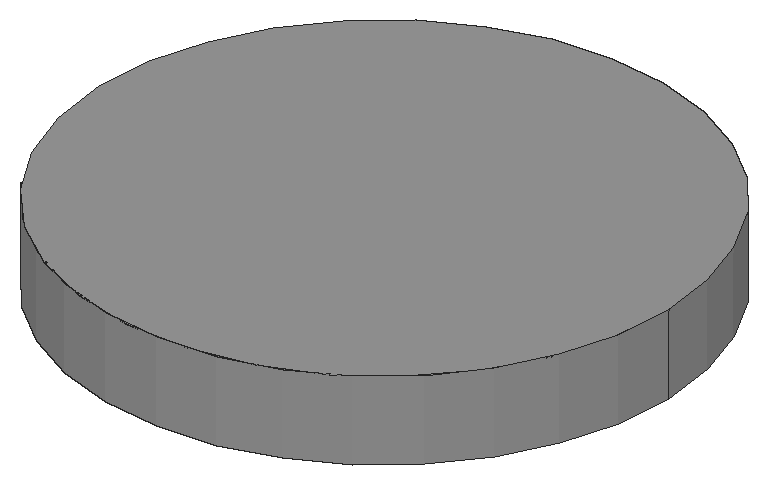
Revit family "SALSA_30W_3000K_2473LM_BLANC", category Lighting Fixtures, host Ceiling, Revit 2021
Family settings
  Host = Ceiling
  Round Connector Dimension = Use Diameter
  Part Type = Normal
  OmniClass Number = 23.80.70.11
  OmniClass Title = Luminaries for Internal Lighting
  Always vertical = Yes
  Cut with Voids When Loaded = No
  Light Source = Yes
  Shared = No
  Room Calculation Point = No
Parameters
  Wattage = 16.6485 W
  built-in parameter 1150110 = 1 (stored number, unit not read)
  Type de lampe = "LED Sanan LM80 Step MacAdam 5"
  Type = "Plafonnier"
  built-in parameter 1114217 = 1 (stored number, unit not read)
  Tilt Angle = 90.00°
  built-in parameter 1150109 = 1 (stored number, unit not read)
  built-in parameter 1150134 = (empty or 0)
  built-in parameter 1150113 = 1 (stored number, unit not read)
  Puissance nominale = "30W"
  Photometric Web File = "google_eulumdat_converter (26).ies"
  Matériau = "Aluminium"
  Lumens = 2473 lm
  built-in parameter 1150115 = 1 (stored number, unit not read)
  built-in parameter 1150105 = 196.8 (stored number, unit not read)
  built-in parameter 1150137 = (empty or 0)
  built-in parameter 1150139 = (empty or 0)
  built-in parameter 1150112 = 1 (stored number, unit not read)
  built-in parameter 1150114 = 1 (stored number, unit not read)
  built-in parameter 1150132 = 2
  built-in parameter 1150102 = (empty or 0)
  built-in parameter 1150138 = (empty or 0)
  built-in parameter 1150107 = 3000 (stored number, unit not read)
  built-in parameter 1150106 = 1.968 (stored number, unit not read)
  IRC = ">80"
  Emit from Circle Diameter = 609.60 mm
  Emit Shape Visible in Rendering = no
  built-in parameter 1150104 = 13.8 (stored number, unit not read)
  Durée de vie = "30 000 heures"
  Driver = "Driver Lifud Flicker TUV"
  Dimming Lamp Color Temperature Shift = <None>
  Dimensions = "Ø 300 mm, H = 42 mm"
  Dimension découpe = "Ø 300 mm"
  Default Elevation = 0.00 mm
  Couleur = "Blanc Mat"
  Color Filter = 16777215
  built-in parameter 1114218 = 1 (stored number, unit not read)
  built-in parameter 1150133 = 10 (stored number, unit not read)
  Alimentation Driver = "AC 220-240V"
Reference planes
  plane 1 "Light Source Axis (F/B)": y = 0
  plane 2 "Ceiling": z = 2438.4
  plane 3 "Light Source Axis (L/R)": x = 0
  plane 4 "Light Source Elevation": z = 2336.8
Forms (mm)
  Extrusion 1, solid, material "Metal, Paint Finish, White, Matte"
    sketch origin (0, 0, 2336.8) x (0, -1, 0) y (1, 0, 0)
      loop
        circle (0, 0) r 150
    from 59.6 to 101.6
  Extrusion 2, void
    sketch origin (0, 0, 2336.8) x (0, -1, 0) y (1, 0, 0)
      loop
        circle (0, 0) r 140
    from 41.114 to 96.259
  Extrusion 3, solid, material "Glass, White, High Luminance"
    sketch origin (0, 0, 2336.8) x (0, -1, 0) y (1, 0, 0)
      loop
        circle (0, 0) r 140
    from 62.24 to 70.031
Cuts and joins
  Extrusion 2 cuts Extrusion 1
Lines and regions (mm)
  reference lines
    curve 1: line (0, 0, 2438.4) -> (0, 0, 2396.4)
Dimensions and locks
  equal spacing: host sketch curve, plane 3 "Light Source Axis (L/R)", host sketch curve
  equal spacing: host sketch curve, plane 1 "Light Source Axis (F/B)", host sketch curve
  host sketch curve to host sketch curve = 3048.00 mm  (x2)
  aligned and locked: plane 4 "Light Source Elevation" to imposter light
